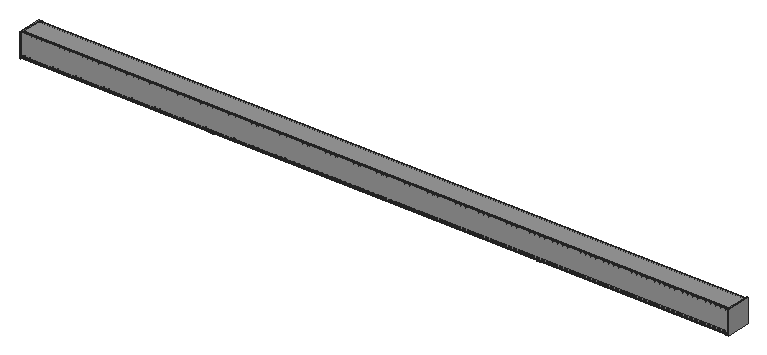
Revit family "Downlights in Conduit", category Generic Models, Revit 2018
Family settings
  Can host rebar = No
  Round Connector Dimension = Use Diameter
  Part Type = Normal
  Work Plane-Based = No
  Always vertical = Yes
  Cut with Voids When Loaded = No
  Shared = No
  Room Calculation Point = No
Parameters
  Offset Limits [instance] = if(Offset < 100 mm, 100 mm, if(Offset > 400 mm, 400 mm, Offset))  # 400 mm
  Offset [instance] = 400 mm
  Number of Downlights  Input [instance] = if(Number of Downlights < 2, 2, Number of Downlights)  # 2
  LED [instance] = LED
  Framing [instance] = Bronco
  Down_Light = Aluminum 6061-O
  Conduit Length Limits [instance] = if(Conduit Length < 1206 mm, 1206 mm, Conduit Length)  # 1500 mm
  Conduit Length [instance] = 1500 mm
  Number of Downlights [instance] = 2
Reference planes
  plane 1 "Center (Front/Back)": y = 0
  plane 2: z = 0
  plane 3 "Center (Left/Right)": x = 0
  plane 4: x = -747
  plane 5: x = 747
  plane 6 "End Cap Side": x = -750
  plane 7 "Center L/S": x = 750
  plane 8: x = -347
  plane 9: x = 347
Forms (mm)
  Extrusion 1, solid, material "Bronco" <- "Framing"
    sketch origin (0, 0, 0) x (0, -1, 0) y (0, 0, -1)
      loop
        line (22.6, -49) -> (22.6, -47.8)
        arc (22.6, -47.8) -> (23.124, -47.847) -> (23.4, -47.4) r 0.5
        line (23.4, -47.4) -> (23.4, -45.012) -> (21.666, -43.798)
        arc (21.666, -43.798) -> (21.288, -43.714) -> (20.962, -43.922) r 0.505
        line (20.962, -43.922) -> (20.507, -44.572) -> (20.507, -45.372)
        arc (20.507, -45.372) -> (19.49, -48.025) -> (18.439, -45.386) r 1.525
        line (18.439, -45.386) -> (18.439, -44.562)
        arc (18.439, -44.562) -> (18.034, -44.127) -> (17.453, -44.255) r 0.6
        arc (17.453, -44.255) -> (16.465, -46.262) -> (17.127, -48.4) r 3.025
        line (17.127, -48.4) -> (-22.4, -48.4)
        arc (-22.4, -48.4) -> (-23.107, -48.107) -> (-23.4, -47.4) r 1
        line (-23.4, -47.4) -> (-23.4, -23.354)
        arc (-23.4, -23.354) -> (-21.505, -24.025) -> (-19.608, -23.36) r 3.025
        arc (-19.608, -23.36) -> (-19.492, -22.306) -> (-20.546, -22.19) r 0.75
        arc (-20.546, -22.19) -> (-23.025, -21) -> (-20.546, -19.81) r 1.525
        arc (-20.546, -19.81) -> (-19.492, -19.694) -> (-19.608, -18.64) r 0.75
        arc (-19.608, -18.64) -> (-21.505, -17.975) -> (-23.4, -18.646) r 3.025
        line (-23.4, -18.646) -> (-23.4, -2.6)
        arc (-23.4, -2.6) -> (-23.107, -1.893) -> (-22.4, -1.6) r 1
        line (-22.4, -1.6) -> (21.3, -1.6) -> (21.3, -4.7)
        arc (21.3, -4.7) -> (21.487, -5.282) -> (21.977, -5.646) r 1
        line (21.977, -5.646) -> (22.767, -5.699)
        arc (22.767, -5.699) -> (23.292, -5.292) -> (22.949, -4.723) r 0.5
        arc (22.949, -4.723) -> (22.624, -4.491) -> (22.5, -4.113) r 0.639
        line (22.5, -4.113) -> (22.5, -1.6) -> (23.754, -1.6) -> (24.016, -2.624)
        arc (24.016, -2.624) -> (24.562, -2.996) -> (25, -2.5) r 0.5
        line (25, -2.5) -> (25, -0.503)
        arc (25, -0.503) -> (24.853, -0.147) -> (24.497, 0) r 0.503
        line (24.497, 0) -> (-24.5, 0)
        arc (-24.5, 0) -> (-24.854, -0.146) -> (-25, -0.5) r 0.5
        line (-25, -0.5) -> (-25, -49.416)
        arc (-25, -49.416) -> (-24.839, -49.803) -> (-24.452, -49.964) r 0.548
        line (-24.452, -49.964) -> (21.224, -49.964) -> (22.6, -49)
    from -747 to 747
  Extrusion 2, solid, material "Bronco" <- "Framing"
    sketch origin (0, 0, 0) x (0, -1, 0) y (0, 0, -1)
      loop
        line (22.6, -42.788) -> (21.857, -42.488) -> (18.386, -42.488)
        arc (18.386, -42.488) -> (18.084, -42.709) -> (18.204, -43.064) r 0.317
        line (18.204, -43.064) -> (20.276, -44.522) -> (20.758, -43.688) -> (23.4, -43.688) -> (23.4, -48.2) -> (22.6, -48.2) -> (22.6, -49.5)
        arc (22.6, -49.5) -> (22.747, -49.854) -> (23.1, -50) r 0.5
        line (23.1, -50) -> (24.5, -50)
        arc (24.5, -50) -> (24.854, -49.854) -> (25, -49.5) r 0.5
        line (25, -49.5) -> (25, -3.4)
        spline (25, -3.4) -> (24.981, -3.3) -> (24.911, -3.237) -> (24.801, -3.208) -> (24.664, -3.209) -> (24.51, -3.234) -> (24.353, -3.28) -> (24.198, -3.331) -> (24.05, -3.37) -> (23.913, -3.375) -> (23.789, -3.327) -> (23.684, -3.206) -> (23.6, -2.993)
        line (23.6, -2.993) -> (23.6, -2.2)
        arc (23.6, -2.2) -> (23.1, -1.7) -> (22.6, -2.2) r 0.5
        line (22.6, -2.2) -> (22.6, -4.1)
        spline (22.6, -4.1) -> (22.647, -4.267) -> (22.714, -4.379) -> (22.798, -4.449) -> (22.894, -4.485) -> (22.998, -4.5) -> (23.106, -4.504) -> (23.214, -4.508) -> (23.317, -4.522) -> (23.411, -4.558) -> (23.493, -4.626) -> (23.557, -4.736) -> (23.6, -4.9)
        line (23.6, -4.9) -> (23.6, -5.794) -> (23.4, -6.6) -> (23.4, -42.788) -> (22.6, -42.788)
    from -747 to 747
  Extrusion 3, solid, material "Bronco" <- "Framing"
    sketch origin (-750, 0, 0) x (0, 1, 0) y (0, 0, 1)
      loop
        line (-25, 49.964) -> (-25, 0) -> (25, 0) -> (25, 49.964) -> (-25, 49.964)
    from 0 to 3
  Extrusion 4, solid, material "Bronco" <- "Framing"
    sketch origin (211, 0, 0) x (0, 1, 0) y (0, 0, -1)
      loop
        line (-25, -49.964) -> (25, -49.964) -> (25, 0) -> (-25, 0) -> (-25, -49.964)
    from -539 to -536
Dimensions and locks
  locked: plane 6 "End Cap Side" to plane 4 at 3
  locked: plane 7 "Center L/S" to plane 5 at 3
  equal spacing: plane 4, plane 3 "Center (Left/Right)", plane 5
  "Offset Limits": plane 4 to plane 8
  group 1 to group 2 = 694 mm
  group 1 to group 2 = 0 mm  (x2)
  "Offset Limits": plane 9 to plane 5
  "Conduit Length Limits": plane 6 "End Cap Side" to plane 7 "Center L/S"
  aligned and locked: level to plane 2
  aligned and locked: Extrusion 2 to Extrusion 1
  aligned and locked: Extrusion 1 to Extrusion 2
  aligned and locked: Extrusion 1 to plane 4
  aligned and locked: Extrusion 1 to plane 5
  aligned and locked: plane 4 to Extrusion 3
  aligned and locked: plane 5 to Extrusion 4
  aligned and locked: Extrusion 4 to plane 7 "Center L/S"
  aligned and locked: plane 1 "Center (Front/Back)" to nested 1
  aligned and locked: plane 8 to nested 1
  aligned and locked: plane 9 to nested 2
Automatic sketch dimensions
  Extrusion 1 sketch curve to Extrusion 1 sketch curve = 0 mm  (x11)
  Extrusion 1 sketch curve to level = 0 mm
  level to Extrusion 1 sketch curve = 0.5 mm
  Extrusion 1 sketch curve to plane 1 "Center (Front/Back)" = 25 mm
  Extrusion 1 sketch curve to Extrusion 1 sketch curve = 0.548 mm
  Extrusion 1 sketch curve to Extrusion 1 sketch curve = 1.052 mm
  Extrusion 1 sketch curve to Extrusion 1 sketch curve = 1.1 mm
  Extrusion 1 sketch curve to Extrusion 1 sketch curve = 1 mm  (x2)
  Extrusion 1 sketch curve to Extrusion 1 sketch curve = 1.9 mm
  Extrusion 1 sketch curve to Extrusion 1 sketch curve = 1.423 mm  (x2)
  plane 1 "Center (Front/Back)" to Extrusion 1 sketch curve = 17.127 mm
  Extrusion 1 sketch curve to Extrusion 1 sketch curve = 0.729 mm
  Extrusion 1 sketch curve to Extrusion 1 sketch curve = 0.584 mm
  Extrusion 1 sketch curve to Extrusion 1 sketch curve = 1.041 mm
  Extrusion 1 sketch curve to Extrusion 1 sketch curve = 2.067 mm
  Extrusion 1 sketch curve to Extrusion 1 sketch curve = 0.455 mm
  Extrusion 1 sketch curve to Extrusion 1 sketch curve = 1.744 mm
  level to Extrusion 1 sketch curve = 4.7 mm
  plane 1 "Center (Front/Back)" to Extrusion 1 sketch curve = 21.3 mm
  Extrusion 1 sketch curve to Extrusion 1 sketch curve = 0.414 mm
  Extrusion 1 sketch curve to Extrusion 1 sketch curve = 0.29 mm
  level to Extrusion 1 sketch curve = 5.646 mm
  Extrusion 1 sketch curve to Extrusion 1 sketch curve = 0.677 mm
  Extrusion 1 sketch curve to Extrusion 1 sketch curve = 1.2 mm  (x2)
  Extrusion 1 sketch curve to Extrusion 1 sketch curve = 1.376 mm
  level to Extrusion 1 sketch curve = 5.699 mm
  Extrusion 1 sketch curve to Extrusion 1 sketch curve = 0.79 mm
  Extrusion 1 sketch curve to Extrusion 1 sketch curve = 0.033 mm
  Extrusion 1 sketch curve to Extrusion 1 sketch curve = 0.3 mm
  Extrusion 1 sketch curve to Extrusion 1 sketch curve = 0.639 mm
  Extrusion 1 sketch curve to Extrusion 1 sketch curve = 0.5 mm
  level to Extrusion 1 sketch curve = 1.6 mm
  Extrusion 1 sketch curve to Extrusion 1 sketch curve = 1.254 mm
  level to Extrusion 1 sketch curve = 2.624 mm
  Extrusion 1 sketch curve to Extrusion 1 sketch curve = 0.262 mm
  level to Extrusion 1 sketch curve = 0.503 mm
  Extrusion 1 sketch curve to Extrusion 1 sketch curve = 0.744 mm
  Extrusion 1 sketch curve to Extrusion 1 sketch curve = 0.484 mm
  Extrusion 1 sketch curve to Extrusion 1 sketch curve = 18.146 mm
  Extrusion 1 sketch curve to Extrusion 1 sketch curve = 0.579 mm
  Extrusion 1 sketch curve to Extrusion 1 sketch curve = 1.775 mm  (x2)
  Extrusion 1 sketch curve to Extrusion 1 sketch curve = 2.354 mm
  Extrusion 1 sketch curve to Extrusion 1 sketch curve = 38.099 mm
  Extrusion 1 sketch curve to Extrusion 1 sketch curve = 0.124 mm
  Extrusion 1 sketch curve to Extrusion 1 sketch curve = 0.65 mm
  Extrusion 1 sketch curve to Extrusion 1 sketch curve = 0.128 mm
  Extrusion 1 sketch curve to Extrusion 1 sketch curve = 1.214 mm
  Extrusion 1 sketch curve to Extrusion 1 sketch curve = 0.8 mm
  Extrusion 1 sketch curve to Extrusion 1 sketch curve = 0.686 mm
  Extrusion 1 sketch curve to Extrusion 1 sketch curve = 24.046 mm
  Extrusion 1 sketch curve to Extrusion 1 sketch curve = 2.388 mm
  Extrusion 1 sketch curve to Extrusion 1 sketch curve = 2.016 mm
  Extrusion 1 sketch curve to Extrusion 1 sketch curve = 0.499 mm
  Extrusion 1 sketch curve to Extrusion 1 sketch curve = 0.587 mm
  level to Extrusion 1 sketch curve = 2.6 mm
  Extrusion 1 sketch curve to Extrusion 1 sketch curve = 0.469 mm
  plane 1 "Center (Front/Back)" to Extrusion 2 sketch curve = 18.204 mm
  Extrusion 2 sketch curve to Extrusion 2 sketch curve = 0.182 mm
  Extrusion 2 sketch curve to Extrusion 2 sketch curve = 2.072 mm
  Extrusion 2 sketch curve to Extrusion 2 sketch curve = 0.482 mm
  Extrusion 2 sketch curve to Extrusion 2 sketch curve = 1.099 mm
  level to Extrusion 2 sketch curve = 4.1 mm
  plane 1 "Center (Front/Back)" to Extrusion 2 sketch curve = 22.6 mm
  Extrusion 2 sketch curve to Extrusion 2 sketch curve = 0.743 mm
  Extrusion 2 sketch curve to Extrusion 2 sketch curve = 2.324 mm
  Extrusion 2 sketch curve to Extrusion 2 sketch curve = 0.5 mm  (x3)
  Extrusion 2 sketch curve to Extrusion 2 sketch curve = 0.8 mm  (x3)
  Extrusion 2 sketch curve to Extrusion 2 sketch curve = 1 mm
  Extrusion 2 sketch curve to Extrusion 2 sketch curve = 1.4 mm
  Extrusion 2 sketch curve to Extrusion 2 sketch curve = 0.894 mm
  Extrusion 2 sketch curve to Extrusion 2 sketch curve = 0.806 mm
  Extrusion 2 sketch curve to Extrusion 2 sketch curve = 35.888 mm
  Extrusion 2 sketch curve to Extrusion 2 sketch curve = 0.3 mm
  Extrusion 2 sketch curve to Extrusion 2 sketch curve = 0.317 mm
  Extrusion 2 sketch curve to Extrusion 2 sketch curve = 1.2 mm
  Extrusion 2 sketch curve to Extrusion 2 sketch curve = 0.834 mm
  Extrusion 2 sketch curve to Extrusion 2 sketch curve = 3.678 mm
  Extrusion 2 sketch curve to Extrusion 2 sketch curve = 1.3 mm
  Extrusion 2 sketch curve to Extrusion 2 sketch curve = 1.5 mm
  Extrusion 2 sketch curve to Extrusion 2 sketch curve = 0.407 mm
  Extrusion 2 sketch curve to Extrusion 2 sketch curve = 0.793 mm
  Extrusion 3 sketch curve to level = 0 mm
  plane 1 "Center (Front/Back)" to Extrusion 3 sketch curve = 25 mm
  Extrusion 3 sketch curve to plane 1 "Center (Front/Back)" = 25 mm
  Extrusion 3 sketch curve to Extrusion 3 sketch curve = 49.964 mm
  Extrusion 4 sketch curve to level = 0 mm
  plane 1 "Center (Front/Back)" to Extrusion 4 sketch curve = 25 mm
  Extrusion 4 sketch curve to plane 1 "Center (Front/Back)" = 25 mm
  level to Extrusion 4 sketch curve = 49.964 mm
Nested families
  nested 1: "Downlight" at (-347, 0, 0) x (0, -1, 0) z (0, 0, 1), DROP LIGHT <- "Down_Light", LED <- "LED", type "Downlight"
    with LED LED, DROP LIGHT Aluminum 6061-O
  nested 2: "Downlight" at (347, 0, 0) x (0, -1, 0) z (0, 0, 1), DROP LIGHT <- "Down_Light", LED <- "LED", type "Downlight"
    with LED LED, DROP LIGHT Aluminum 6061-O
Definition of nested family "Downlight"
  Parameters (values of type "Downlight")
    LED [instance] = none
    Default Elevation = 1219.2 mm
    DROP LIGHT [instance] = none
  Reference planes
    plane 1 "Center (Front/Back)": y = 0
    plane 2: z = 0
    plane 3 "Center (Left/Right)": x = 0
  Forms (mm)
    Revolve 1, solid, material <- "DROP LIGHT"
      sketch origin (0, 0, 0) x (0, 1, 0) y (0, 0, 1)
        loop
          line (0, 24.2) -> (0, 0) -> (15, 0) -> (15, -2) -> (16.002, -2) -> (23.6, -1) -> (23.6, 0) -> (20.6, 0) -> (20.6, 16.2) -> (13.5, 16.2) -> (13.5, 22.2) -> (11.5, 24.2) -> (0, 24.2)
        axis (0, 24.2) -> (0, -2)
      angle from 0 to 360
    Extrusion 2, solid, material <- "LED"
      sketch origin (0, 0, 0) x (1, 0, 0) y (0, 1, 0)
        loop
          circle (0, 0) r 15
      from -0.601 to -1.715
  Dimensions and locks
    aligned and locked: level to plane 2
